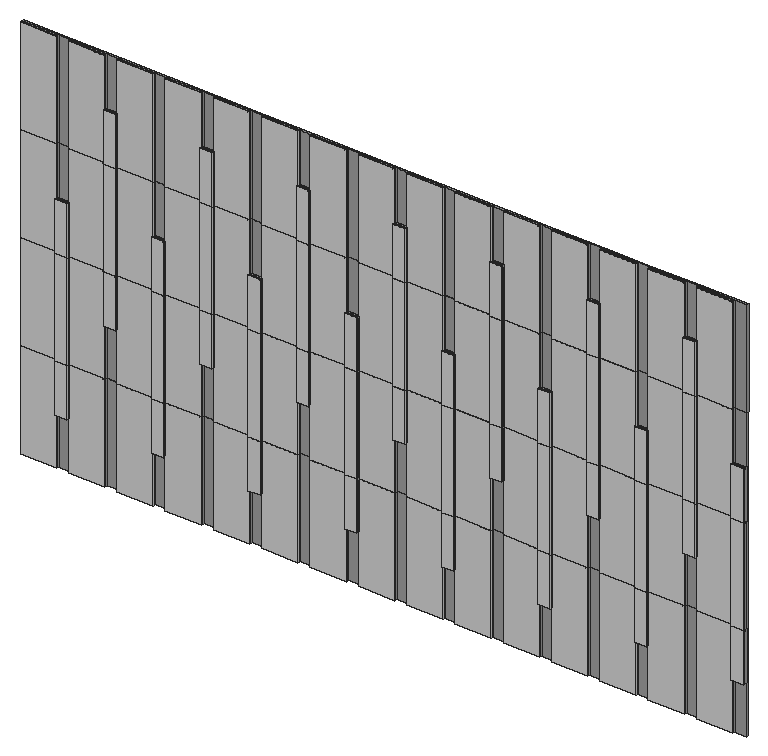
Revit family "SUR-STK-045_COURSIE_RFA", category Modelos genéricos, Revit 2022 (continued)
Forms (in)
  Extrusion 263, solid
    sketch origin (48, 0, 48) x (1, 0, 0) y (0, 0, 1)
      loop
        line (0, 24) -> (0, 0) -> (9, 0) -> (9, 24) -> (0, 24)
    from -0.11811 to 0
  Extrusion 264, solid
    sketch origin (31.89167, -0.94488, 48) x (1, 0, 0) y (0, 0, 1)
      loop
        line (25.10833, 24) -> (25.10833, 0) -> (28.10833, 0) -> (28.10833, 24) -> (25.10833, 24)
    from -1.06299 to -0.59055
  Extrusion 265, solid
    sketch origin (48, -1.41732, 48) x (1, 0, 0) y (0, 0, 1)
      loop
        line (9, 24) -> (9, 0) -> (12, 0) -> (12, 24) -> (9, 24)
    from -1.06299 to -0.94488
  Extrusion 266, solid
    sketch origin (48, 0, 72) x (1, 0, 0) y (0, 0, 1)
      loop
        line (0, 24) -> (0, 0) -> (12, 0) -> (12, 24) -> (0, 24)
    from -1.06299 to -0.59055
  Extrusion 267, solid
    sketch origin (48, -0.47244, 72) x (1, 0, 0) y (0, 0, 1)
      loop
        line (0, 24) -> (0, 0) -> (12, 0) -> (12, 12) -> (9, 12) -> (9, 24) -> (0, 24)
    from -1.06299 to -0.59055
  Extrusion 268, solid
    sketch origin (48, -0.94488, 72) x (1, 0, 0) y (0, 0, 1)
      loop
        line (9, 12) -> (9, 0) -> (12, 0) -> (12, 12) -> (9, 12)
    from -1.06299 to -0.59055
  Extrusion 269, solid
    sketch origin (48, 0, 72) x (1, 0, 0) y (0, 0, 1)
      loop
        line (0, 24) -> (0, 0) -> (9, 0) -> (9, 24) -> (0, 24)
    from -0.11811 to 0
  Extrusion 270, solid
    sketch origin (48, -1.41732, 72) x (1, 0, 0) y (0, 0, 1)
      loop
        line (9, 12) -> (9, 0) -> (12, 0) -> (12, 12) -> (9, 12)
    from -1.06299 to -0.94488
  Extrusion 271, solid
    sketch origin (60, 0, 0) x (1, 0, 0) y (0, 0, 1)
      loop
        line (0, 24) -> (0, 0) -> (12, 0) -> (12, 24) -> (0, 24)
    from -1.06299 to -0.59055
  Extrusion 272, solid
    sketch origin (60, -0.47244, 0) x (1, 0, 0) y (0, 0, 1)
      loop
        line (0, 24) -> (0, 0) -> (9, 0) -> (9, 12) -> (12, 12) -> (12, 24) -> (0, 24)
    from -1.06299 to -0.59055
  Extrusion 273, solid
    sketch origin (43.89167, -0.94488, 0) x (1, 0, 0) y (0, 0, 1)
      loop
        line (25.10833, 24) -> (25.10833, 12) -> (28.10833, 12) -> (28.10833, 24) -> (25.10833, 24)
    from -1.06299 to -0.59055
  Extrusion 274, solid
    sketch origin (60, 0, 0) x (1, 0, 0) y (0, 0, 1)
      loop
        line (0, 24) -> (0, 0) -> (9, 0) -> (9, 24) -> (0, 24)
    from -0.11811 to 0
  Extrusion 275, solid
    sketch origin (60, -1.41732, 0) x (1, 0, 0) y (0, 0, 1)
      loop
        line (9, 24) -> (9, 12) -> (12, 12) -> (12, 24) -> (9, 24)
    from -1.06299 to -0.94488
  Extrusion 276, solid
    sketch origin (60, 0, 24) x (1, 0, 0) y (0, 0, 1)
      loop
        line (0, 24) -> (0, 0) -> (12, 0) -> (12, 24) -> (0, 24)
    from -1.06299 to -0.59055
  Extrusion 277, solid
    sketch origin (60, -0.47244, 24) x (1, 0, 0) y (0, 0, 1)
      loop
        line (0, 24) -> (0, 0) -> (12, 0) -> (12, 24) -> (0, 24)
    from -1.06299 to -0.59055
  Extrusion 278, solid
    sketch origin (60, 0, 24) x (1, 0, 0) y (0, 0, 1)
      loop
        line (0, 24) -> (0, 0) -> (9, 0) -> (9, 24) -> (0, 24)
    from -0.11811 to 0
  Extrusion 279, solid
    sketch origin (43.89167, -0.94488, 24) x (1, 0, 0) y (0, 0, 1)
      loop
        line (25.10833, 24) -> (25.10833, 0) -> (28.10833, 0) -> (28.10833, 24) -> (25.10833, 24)
    from -1.06299 to -0.59055
  Extrusion 280, solid
    sketch origin (60, -1.41732, 24) x (1, 0, 0) y (0, 0, 1)
      loop
        line (9, 24) -> (9, 0) -> (12, 0) -> (12, 24) -> (9, 24)
    from -1.06299 to -0.94488
  Extrusion 281, solid
    sketch origin (60, 0, 48) x (1, 0, 0) y (0, 0, 1)
      loop
        line (0, 24) -> (0, 0) -> (12, 0) -> (12, 24) -> (0, 24)
    from -1.06299 to -0.59055
  Extrusion 282, solid
    sketch origin (60, -0.47244, 48) x (1, 0, 0) y (0, 0, 1)
      loop
        line (0, 24) -> (0, 0) -> (12, 0) -> (12, 12) -> (9, 12) -> (9, 24) -> (0, 24)
    from -1.06299 to -0.59055
  Extrusion 283, solid
    sketch origin (60, -0.94488, 48) x (1, 0, 0) y (0, 0, 1)
      loop
        line (9, 12) -> (9, 0) -> (12, 0) -> (12, 12) -> (9, 12)
    from -1.06299 to -0.59055
  Extrusion 284, solid
    sketch origin (60, 0, 48) x (1, 0, 0) y (0, 0, 1)
      loop
        line (0, 24) -> (0, 0) -> (9, 0) -> (9, 24) -> (0, 24)
    from -0.11811 to 0
  Extrusion 285, solid
    sketch origin (60, -1.41732, 48) x (1, 0, 0) y (0, 0, 1)
      loop
        line (9, 12) -> (9, 0) -> (12, 0) -> (12, 12) -> (9, 12)
    from -1.06299 to -0.94488
  Extrusion 286, solid
    sketch origin (60, 0, 72) x (1, 0, 0) y (0, 0, 1)
      loop
        line (0, 24) -> (0, 0) -> (12, 0) -> (12, 24) -> (0, 24)
    from -1.06299 to -0.59055
  Extrusion 287, solid
    sketch origin (60, 0, 72) x (1, 0, 0) y (0, 0, 1)
      loop
        line (0, 24) -> (0, 0) -> (9, 0) -> (9, 24) -> (0, 24)
    from -0.59055 to -0.11811
  Extrusion 288, solid
    sketch origin (60, 0, 72) x (1, 0, 0) y (0, 0, 1)
      loop
        line (0, 24) -> (0, 0) -> (9, 0) -> (9, 24) -> (0, 24)
    from -0.11811 to 0
  Extrusion 289, solid
    sketch origin (72, 0, 0) x (1, 0, 0) y (0, 0, 1)
      loop
        line (0, 24) -> (0, 0) -> (12, 0) -> (12, 24) -> (0, 24)
    from -1.06299 to -0.59055
  Extrusion 290, solid
    sketch origin (72, 0, 0) x (1, 0, 0) y (0, 0, 1)
      loop
        line (0, 24) -> (0, 0) -> (9, 0) -> (9, 24) -> (0, 24)
    from -0.59055 to -0.11811
  Extrusion 291, solid
    sketch origin (72, 0, 0) x (1, 0, 0) y (0, 0, 1)
      loop
        line (0, 24) -> (0, 0) -> (9, 0) -> (9, 24) -> (0, 24)
    from -0.11811 to 0
  Extrusion 292, solid
    sketch origin (72, 0, 24) x (1, 0, 0) y (0, 0, 1)
      loop
        line (0, 24) -> (0, 0) -> (12, 0) -> (12, 24) -> (0, 24)
    from -1.06299 to -0.59055
  Extrusion 293, solid
    sketch origin (72, -0.47244, 24) x (1, 0, 0) y (0, 0, 1)
      loop
        line (0, 24) -> (0, 0) -> (9, 0) -> (9, 12) -> (12, 12) -> (12, 24) -> (0, 24)
    from -1.06299 to -0.59055
  Extrusion 294, solid
    sketch origin (55.89167, -0.94488, 24) x (1, 0, 0) y (0, 0, 1)
      loop
        line (25.10833, 24) -> (25.10833, 12) -> (28.10833, 12) -> (28.10833, 24) -> (25.10833, 24)
    from -1.06299 to -0.59055
  Extrusion 295, solid
    sketch origin (72, 0, 24) x (1, 0, 0) y (0, 0, 1)
      loop
        line (0, 24) -> (0, 0) -> (9, 0) -> (9, 24) -> (0, 24)
    from -0.11811 to 0
  Extrusion 296, solid
    sketch origin (72, -1.41732, 24) x (1, 0, 0) y (0, 0, 1)
      loop
        line (9, 24) -> (9, 12) -> (12, 12) -> (12, 24) -> (9, 24)
    from -1.06299 to -0.94488
  Extrusion 297, solid
    sketch origin (72, 0, 48) x (1, 0, 0) y (0, 0, 1)
      loop
        line (0, 24) -> (0, 0) -> (12, 0) -> (12, 24) -> (0, 24)
    from -1.06299 to -0.59055
  Extrusion 298, solid
    sketch origin (72, -0.47244, 48) x (1, 0, 0) y (0, 0, 1)
      loop
        line (0, 24) -> (0, 0) -> (12, 0) -> (12, 24) -> (0, 24)
    from -1.06299 to -0.59055
  Extrusion 299, solid
    sketch origin (72, 0, 48) x (1, 0, 0) y (0, 0, 1)
      loop
        line (0, 24) -> (0, 0) -> (9, 0) -> (9, 24) -> (0, 24)
    from -0.11811 to 0
  Extrusion 300, solid
    sketch origin (55.89167, -0.94488, 48) x (1, 0, 0) y (0, 0, 1)
      loop
        line (25.10833, 24) -> (25.10833, 0) -> (28.10833, 0) -> (28.10833, 24) -> (25.10833, 24)
    from -1.06299 to -0.59055
  Extrusion 301, solid
    sketch origin (72, -1.41732, 48) x (1, 0, 0) y (0, 0, 1)
      loop
        line (9, 24) -> (9, 0) -> (12, 0) -> (12, 24) -> (9, 24)
    from -1.06299 to -0.94488
  Extrusion 302, solid
    sketch origin (72, 0, 72) x (1, 0, 0) y (0, 0, 1)
      loop
        line (0, 24) -> (0, 0) -> (12, 0) -> (12, 24) -> (0, 24)
    from -1.06299 to -0.59055
  Extrusion 303, solid
    sketch origin (72, -0.47244, 72) x (1, 0, 0) y (0, 0, 1)
      loop
        line (0, 24) -> (0, 0) -> (12, 0) -> (12, 12) -> (9, 12) -> (9, 24) -> (0, 24)
    from -1.06299 to -0.59055
  Extrusion 304, solid
    sketch origin (72, -0.94488, 72) x (1, 0, 0) y (0, 0, 1)
      loop
        line (9, 12) -> (9, 0) -> (12, 0) -> (12, 12) -> (9, 12)
    from -1.06299 to -0.59055
  Extrusion 305, solid
    sketch origin (72, 0, 72) x (1, 0, 0) y (0, 0, 1)
      loop
        line (0, 24) -> (0, 0) -> (9, 0) -> (9, 24) -> (0, 24)
    from -0.11811 to 0
  Extrusion 306, solid
    sketch origin (72, -1.41732, 72) x (1, 0, 0) y (0, 0, 1)
      loop
        line (9, 12) -> (9, 0) -> (12, 0) -> (12, 12) -> (9, 12)
    from -1.06299 to -0.94488
  Extrusion 307, solid
    sketch origin (84, 0, 0) x (1, 0, 0) y (0, 0, 1)
      loop
        line (0, 24) -> (0, 0) -> (12, 0) -> (12, 24) -> (0, 24)
    from -1.06299 to -0.59055
  Extrusion 308, solid
    sketch origin (84, -0.47244, 0) x (1, 0, 0) y (0, 0, 1)
      loop
        line (0, 24) -> (0, 0) -> (9, 0) -> (9, 12) -> (12, 12) -> (12, 24) -> (0, 24)
    from -1.06299 to -0.59055
  Extrusion 309, solid
    sketch origin (67.89167, -0.94488, 0) x (1, 0, 0) y (0, 0, 1)
      loop
        line (25.10833, 24) -> (25.10833, 12) -> (28.10833, 12) -> (28.10833, 24) -> (25.10833, 24)
    from -1.06299 to -0.59055
  Extrusion 310, solid
    sketch origin (84, 0, 0) x (1, 0, 0) y (0, 0, 1)
      loop
        line (0, 24) -> (0, 0) -> (9, 0) -> (9, 24) -> (0, 24)
    from -0.11811 to 0
  Extrusion 311, solid
    sketch origin (84, -1.41732, 0) x (1, 0, 0) y (0, 0, 1)
      loop
        line (9, 24) -> (9, 12) -> (12, 12) -> (12, 24) -> (9, 24)
    from -1.06299 to -0.94488
  Extrusion 312, solid
    sketch origin (84, 0, 24) x (1, 0, 0) y (0, 0, 1)
      loop
        line (0, 24) -> (0, 0) -> (12, 0) -> (12, 24) -> (0, 24)
    from -1.06299 to -0.59055
  Extrusion 313, solid
    sketch origin (84, -0.47244, 24) x (1, 0, 0) y (0, 0, 1)
      loop
        line (0, 24) -> (0, 0) -> (12, 0) -> (12, 24) -> (0, 24)
    from -1.06299 to -0.59055
  Extrusion 314, solid
    sketch origin (84, 0, 24) x (1, 0, 0) y (0, 0, 1)
      loop
        line (0, 24) -> (0, 0) -> (9, 0) -> (9, 24) -> (0, 24)
    from -0.11811 to 0
  Extrusion 315, solid
    sketch origin (67.89167, -0.94488, 24) x (1, 0, 0) y (0, 0, 1)
      loop
        line (25.10833, 24) -> (25.10833, 0) -> (28.10833, 0) -> (28.10833, 24) -> (25.10833, 24)
    from -1.06299 to -0.59055
  Extrusion 316, solid
    sketch origin (84, -1.41732, 24) x (1, 0, 0) y (0, 0, 1)
      loop
        line (9, 24) -> (9, 0) -> (12, 0) -> (12, 24) -> (9, 24)
    from -1.06299 to -0.94488
  Extrusion 317, solid
    sketch origin (84, 0, 48) x (1, 0, 0) y (0, 0, 1)
      loop
        line (0, 24) -> (0, 0) -> (12, 0) -> (12, 24) -> (0, 24)
    from -1.06299 to -0.59055
  Extrusion 318, solid
    sketch origin (84, -0.47244, 48) x (1, 0, 0) y (0, 0, 1)
      loop
        line (0, 24) -> (0, 0) -> (12, 0) -> (12, 12) -> (9, 12) -> (9, 24) -> (0, 24)
    from -1.06299 to -0.59055
  Extrusion 319, solid
    sketch origin (84, -0.94488, 48) x (1, 0, 0) y (0, 0, 1)
      loop
        line (9, 12) -> (9, 0) -> (12, 0) -> (12, 12) -> (9, 12)
    from -1.06299 to -0.59055
  Extrusion 320, solid
    sketch origin (84, 0, 48) x (1, 0, 0) y (0, 0, 1)
      loop
        line (0, 24) -> (0, 0) -> (9, 0) -> (9, 24) -> (0, 24)
    from -0.11811 to 0
  Extrusion 321, solid
    sketch origin (84, -1.41732, 48) x (1, 0, 0) y (0, 0, 1)
      loop
        line (9, 12) -> (9, 0) -> (12, 0) -> (12, 12) -> (9, 12)
    from -1.06299 to -0.94488
  Extrusion 322, solid
    sketch origin (84, 0, 72) x (1, 0, 0) y (0, 0, 1)
      loop
        line (0, 24) -> (0, 0) -> (12, 0) -> (12, 24) -> (0, 24)
    from -1.06299 to -0.59055
  Extrusion 323, solid
    sketch origin (84, 0, 72) x (1, 0, 0) y (0, 0, 1)
      loop
        line (0, 24) -> (0, 0) -> (9, 0) -> (9, 24) -> (0, 24)
    from -0.59055 to -0.11811
  Extrusion 324, solid
    sketch origin (84, 0, 72) x (1, 0, 0) y (0, 0, 1)
      loop
        line (0, 24) -> (0, 0) -> (9, 0) -> (9, 24) -> (0, 24)
    from -0.11811 to 0
  Extrusion 325, solid, not visible
    sketch origin (0, 0, 0) x (1, 0, 0) y (0, 0, 1)
      loop
        line (0, 24) -> (0, 0) -> (12, 0) -> (12, 24) -> (0, 24)
    from -1.06299 to -0.59055
  Extrusion 326, solid, not visible
    sketch origin (0, -0.47244, 0) x (1, 0, 0) y (0, 0, 1)
      loop
        line (0, 24) -> (0, 0) -> (9, 0) -> (9, 12) -> (12, 12) -> (12, 24) -> (0, 24)
    from -1.06299 to -0.59055
  Extrusion 327, solid, not visible
    sketch origin (-16.10833, -0.94488, 0) x (1, 0, 0) y (0, 0, 1)
      loop
        line (25.10833, 24) -> (25.10833, 12) -> (28.10833, 12) -> (28.10833, 24) -> (25.10833, 24)
    from -1.06299 to -0.59055
  Extrusion 328, solid, not visible
    sketch origin (0, 0, 0) x (1, 0, 0) y (0, 0, 1)
      loop
        line (0, 24) -> (0, 0) -> (9, 0) -> (9, 24) -> (0, 24)
    from -0.11811 to 0
  Extrusion 329, solid, not visible
    sketch origin (0, -1.41732, 0) x (1, 0, 0) y (0, 0, 1)
      loop
        line (9, 24) -> (9, 12) -> (12, 12) -> (12, 24) -> (9, 24)
    from -1.06299 to -0.94488
  Extrusion 330, solid, not visible
    sketch origin (0, 0, 24) x (1, 0, 0) y (0, 0, 1)
      loop
        line (0, 24) -> (0, 0) -> (12, 0) -> (12, 24) -> (0, 24)
    from -1.06299 to -0.59055
  Extrusion 331, solid, not visible
    sketch origin (0, -0.47244, 24) x (1, 0, 0) y (0, 0, 1)
      loop
        line (0, 24) -> (0, 0) -> (12, 0) -> (12, 24) -> (0, 24)
    from -1.06299 to -0.59055
  Extrusion 332, solid, not visible
    sketch origin (0, 0, 24) x (1, 0, 0) y (0, 0, 1)
      loop
        line (0, 24) -> (0, 0) -> (9, 0) -> (9, 24) -> (0, 24)
    from -0.11811 to 0
  Extrusion 333, solid, not visible
    sketch origin (-16.10833, -0.94488, 24) x (1, 0, 0) y (0, 0, 1)
      loop
        line (25.10833, 24) -> (25.10833, 0) -> (28.10833, 0) -> (28.10833, 24) -> (25.10833, 24)
    from -1.06299 to -0.59055
  Extrusion 334, solid, not visible
    sketch origin (0, -1.41732, 24) x (1, 0, 0) y (0, 0, 1)
      loop
        line (9, 24) -> (9, 0) -> (12, 0) -> (12, 24) -> (9, 24)
    from -1.06299 to -0.94488
  Extrusion 335, solid, not visible
    sketch origin (0, 0, 48) x (1, 0, 0) y (0, 0, 1)
      loop
        line (0, 24) -> (0, 0) -> (12, 0) -> (12, 24) -> (0, 24)
    from -1.06299 to -0.59055
  Extrusion 336, solid, not visible
    sketch origin (0, -0.47244, 48) x (1, 0, 0) y (0, 0, 1)
      loop
        line (0, 24) -> (0, 0) -> (12, 0) -> (12, 12) -> (9, 12) -> (9, 24) -> (0, 24)
    from -1.06299 to -0.59055
  Extrusion 337, solid, not visible
    sketch origin (0, -0.94488, 48) x (1, 0, 0) y (0, 0, 1)
      loop
        line (9, 12) -> (9, 0) -> (12, 0) -> (12, 12) -> (9, 12)
    from -1.06299 to -0.59055
  Extrusion 338, solid, not visible
    sketch origin (0, 0, 48) x (1, 0, 0) y (0, 0, 1)
      loop
        line (0, 24) -> (0, 0) -> (9, 0) -> (9, 24) -> (0, 24)
    from -0.11811 to 0
  Extrusion 339, solid, not visible
    sketch origin (0, -1.41732, 48) x (1, 0, 0) y (0, 0, 1)
      loop
        line (9, 12) -> (9, 0) -> (12, 0) -> (12, 12) -> (9, 12)
    from -1.06299 to -0.94488
  Extrusion 340, solid, not visible
    sketch origin (0, 0, 72) x (1, 0, 0) y (0, 0, 1)
      loop
        line (0, 24) -> (0, 0) -> (12, 0) -> (12, 24) -> (0, 24)
    from -1.06299 to -0.59055
  Extrusion 341, solid, not visible
    sketch origin (0, 0, 72) x (1, 0, 0) y (0, 0, 1)
      loop
        line (0, 24) -> (0, 0) -> (9, 0) -> (9, 24) -> (0, 24)
    from -0.59055 to -0.11811
  Extrusion 342, solid, not visible
    sketch origin (0, 0, 72) x (1, 0, 0) y (0, 0, 1)
      loop
        line (0, 24) -> (0, 0) -> (9, 0) -> (9, 24) -> (0, 24)
    from -0.11811 to 0
  Extrusion 343, solid, not visible
    sketch origin (12, 0, 0) x (1, 0, 0) y (0, 0, 1)
      loop
        line (0, 24) -> (0, 0) -> (12, 0) -> (12, 24) -> (0, 24)
    from -1.06299 to -0.59055
  Extrusion 344, solid, not visible
    sketch origin (12, 0, 0) x (1, 0, 0) y (0, 0, 1)
      loop
        line (0, 24) -> (0, 0) -> (9, 0) -> (9, 24) -> (0, 24)
    from -0.59055 to -0.11811
  Extrusion 345, solid, not visible
    sketch origin (12, 0, 0) x (1, 0, 0) y (0, 0, 1)
      loop
        line (0, 24) -> (0, 0) -> (9, 0) -> (9, 24) -> (0, 24)
    from -0.11811 to 0
  Extrusion 346, solid, not visible
    sketch origin (12, 0, 24) x (1, 0, 0) y (0, 0, 1)
      loop
        line (0, 24) -> (0, 0) -> (12, 0) -> (12, 24) -> (0, 24)
    from -1.06299 to -0.59055
  Extrusion 347, solid, not visible
    sketch origin (12, -0.47244, 24) x (1, 0, 0) y (0, 0, 1)
      loop
        line (0, 24) -> (0, 0) -> (9, 0) -> (9, 12) -> (12, 12) -> (12, 24) -> (0, 24)
    from -1.06299 to -0.59055
  Extrusion 348, solid, not visible
    sketch origin (-4.10833, -0.94488, 24) x (1, 0, 0) y (0, 0, 1)
      loop
        line (25.10833, 24) -> (25.10833, 12) -> (28.10833, 12) -> (28.10833, 24) -> (25.10833, 24)
    from -1.06299 to -0.59055
  Extrusion 349, solid, not visible
    sketch origin (12, 0, 24) x (1, 0, 0) y (0, 0, 1)
      loop
        line (0, 24) -> (0, 0) -> (9, 0) -> (9, 24) -> (0, 24)
    from -0.11811 to 0
  Extrusion 350, solid, not visible
    sketch origin (12, -1.41732, 24) x (1, 0, 0) y (0, 0, 1)
      loop
        line (9, 24) -> (9, 12) -> (12, 12) -> (12, 24) -> (9, 24)
    from -1.06299 to -0.94488
  Extrusion 351, solid, not visible
    sketch origin (12, 0, 48) x (1, 0, 0) y (0, 0, 1)
      loop
        line (0, 24) -> (0, 0) -> (12, 0) -> (12, 24) -> (0, 24)
    from -1.06299 to -0.59055
  Extrusion 352, solid, not visible
    sketch origin (12, -0.47244, 48) x (1, 0, 0) y (0, 0, 1)
      loop
        line (0, 24) -> (0, 0) -> (12, 0) -> (12, 24) -> (0, 24)
    from -1.06299 to -0.59055
  Extrusion 353, solid, not visible
    sketch origin (12, 0, 48) x (1, 0, 0) y (0, 0, 1)
      loop
        line (0, 24) -> (0, 0) -> (9, 0) -> (9, 24) -> (0, 24)
    from -0.11811 to 0
  Extrusion 354, solid, not visible
    sketch origin (-4.10833, -0.94488, 48) x (1, 0, 0) y (0, 0, 1)
      loop
        line (25.10833, 24) -> (25.10833, 0) -> (28.10833, 0) -> (28.10833, 24) -> (25.10833, 24)
    from -1.06299 to -0.59055
  Extrusion 355, solid, not visible
    sketch origin (12, -1.41732, 48) x (1, 0, 0) y (0, 0, 1)
      loop
        line (9, 24) -> (9, 0) -> (12, 0) -> (12, 24) -> (9, 24)
    from -1.06299 to -0.94488
  Extrusion 356, solid, not visible
    sketch origin (12, 0, 72) x (1, 0, 0) y (0, 0, 1)
      loop
        line (0, 24) -> (0, 0) -> (12, 0) -> (12, 24) -> (0, 24)
    from -1.06299 to -0.59055
  Extrusion 357, solid, not visible
    sketch origin (12, -0.47244, 72) x (1, 0, 0) y (0, 0, 1)
      loop
        line (0, 24) -> (0, 0) -> (12, 0) -> (12, 12) -> (9, 12) -> (9, 24) -> (0, 24)
    from -1.06299 to -0.59055
  Extrusion 358, solid, not visible
    sketch origin (12, -0.94488, 72) x (1, 0, 0) y (0, 0, 1)
      loop
        line (9, 12) -> (9, 0) -> (12, 0) -> (12, 12) -> (9, 12)
    from -1.06299 to -0.59055
  Extrusion 359, solid, not visible
    sketch origin (12, 0, 72) x (1, 0, 0) y (0, 0, 1)
      loop
        line (0, 24) -> (0, 0) -> (9, 0) -> (9, 24) -> (0, 24)
    from -0.11811 to 0
  Extrusion 360, solid, not visible
    sketch origin (12, -1.41732, 72) x (1, 0, 0) y (0, 0, 1)
      loop
        line (9, 12) -> (9, 0) -> (12, 0) -> (12, 12) -> (9, 12)
    from -1.06299 to -0.94488
  Extrusion 361, solid, not visible
    sketch origin (24, 0, 0) x (1, 0, 0) y (0, 0, 1)
      loop
        line (0, 24) -> (0, 0) -> (12, 0) -> (12, 24) -> (0, 24)
    from -1.06299 to -0.59055
  Extrusion 362, solid, not visible
    sketch origin (24, -0.47244, 0) x (1, 0, 0) y (0, 0, 1)
      loop
        line (0, 24) -> (0, 0) -> (9, 0) -> (9, 12) -> (12, 12) -> (12, 24) -> (0, 24)
    from -1.06299 to -0.59055
  Extrusion 363, solid, not visible
    sketch origin (7.89167, -0.94488, 0) x (1, 0, 0) y (0, 0, 1)
      loop
        line (25.10833, 24) -> (25.10833, 12) -> (28.10833, 12) -> (28.10833, 24) -> (25.10833, 24)
    from -1.06299 to -0.59055
  Extrusion 364, solid, not visible
    sketch origin (24, 0, 0) x (1, 0, 0) y (0, 0, 1)
      loop
        line (0, 24) -> (0, 0) -> (9, 0) -> (9, 24) -> (0, 24)
    from -0.11811 to 0
  Extrusion 365, solid, not visible
    sketch origin (24, -1.41732, 0) x (1, 0, 0) y (0, 0, 1)
      loop
        line (9, 24) -> (9, 12) -> (12, 12) -> (12, 24) -> (9, 24)
    from -1.06299 to -0.94488
  Extrusion 366, solid, not visible
    sketch origin (24, 0, 24) x (1, 0, 0) y (0, 0, 1)
      loop
        line (0, 24) -> (0, 0) -> (12, 0) -> (12, 24) -> (0, 24)
    from -1.06299 to -0.59055
  Extrusion 367, solid, not visible
    sketch origin (24, -0.47244, 24) x (1, 0, 0) y (0, 0, 1)
      loop
        line (0, 24) -> (0, 0) -> (12, 0) -> (12, 24) -> (0, 24)
    from -1.06299 to -0.59055
  Extrusion 368, solid, not visible
    sketch origin (24, 0, 24) x (1, 0, 0) y (0, 0, 1)
      loop
        line (0, 24) -> (0, 0) -> (9, 0) -> (9, 24) -> (0, 24)
    from -0.11811 to 0
  Extrusion 369, solid, not visible
    sketch origin (7.89167, -0.94488, 24) x (1, 0, 0) y (0, 0, 1)
      loop
        line (25.10833, 24) -> (25.10833, 0) -> (28.10833, 0) -> (28.10833, 24) -> (25.10833, 24)
    from -1.06299 to -0.59055
  Extrusion 370, solid, not visible
    sketch origin (24, -1.41732, 24) x (1, 0, 0) y (0, 0, 1)
      loop
        line (9, 24) -> (9, 0) -> (12, 0) -> (12, 24) -> (9, 24)
    from -1.06299 to -0.94488
  Extrusion 371, solid, not visible
    sketch origin (24, 0, 48) x (1, 0, 0) y (0, 0, 1)
      loop
        line (0, 24) -> (0, 0) -> (12, 0) -> (12, 24) -> (0, 24)
    from -1.06299 to -0.59055
  Extrusion 372, solid, not visible
    sketch origin (24, -0.47244, 48) x (1, 0, 0) y (0, 0, 1)
      loop
        line (0, 24) -> (0, 0) -> (12, 0) -> (12, 12) -> (9, 12) -> (9, 24) -> (0, 24)
    from -1.06299 to -0.59055
  Extrusion 373, solid, not visible
    sketch origin (24, -0.94488, 48) x (1, 0, 0) y (0, 0, 1)
      loop
        line (9, 12) -> (9, 0) -> (12, 0) -> (12, 12) -> (9, 12)
    from -1.06299 to -0.59055
  Extrusion 374, solid, not visible
    sketch origin (24, 0, 48) x (1, 0, 0) y (0, 0, 1)
      loop
        line (0, 24) -> (0, 0) -> (9, 0) -> (9, 24) -> (0, 24)
    from -0.11811 to 0
  Extrusion 375, solid, not visible
    sketch origin (24, -1.41732, 48) x (1, 0, 0) y (0, 0, 1)
      loop
        line (9, 12) -> (9, 0) -> (12, 0) -> (12, 12) -> (9, 12)
    from -1.06299 to -0.94488
  Extrusion 376, solid, not visible
    sketch origin (24, 0, 72) x (1, 0, 0) y (0, 0, 1)
      loop
        line (0, 24) -> (0, 0) -> (12, 0) -> (12, 24) -> (0, 24)
    from -1.06299 to -0.59055
  Extrusion 377, solid, not visible
    sketch origin (24, 0, 72) x (1, 0, 0) y (0, 0, 1)
      loop
        line (0, 24) -> (0, 0) -> (9, 0) -> (9, 24) -> (0, 24)
    from -0.59055 to -0.11811
  Extrusion 378, solid, not visible
    sketch origin (24, 0, 72) x (1, 0, 0) y (0, 0, 1)
      loop
        line (0, 24) -> (0, 0) -> (9, 0) -> (9, 24) -> (0, 24)
    from -0.11811 to 0
  Extrusion 379, solid, not visible
    sketch origin (36, 0, 0) x (1, 0, 0) y (0, 0, 1)
      loop
        line (0, 24) -> (0, 0) -> (12, 0) -> (12, 24) -> (0, 24)
    from -1.06299 to -0.59055
  Extrusion 380, solid, not visible
    sketch origin (36, 0, 0) x (1, 0, 0) y (0, 0, 1)
      loop
        line (0, 24) -> (0, 0) -> (9, 0) -> (9, 24) -> (0, 24)
    from -0.59055 to -0.11811
  Extrusion 381, solid, not visible
    sketch origin (36, 0, 0) x (1, 0, 0) y (0, 0, 1)
      loop
        line (0, 24) -> (0, 0) -> (9, 0) -> (9, 24) -> (0, 24)
    from -0.11811 to 0
  Extrusion 382, solid, not visible
    sketch origin (36, 0, 24) x (1, 0, 0) y (0, 0, 1)
      loop
        line (0, 24) -> (0, 0) -> (12, 0) -> (12, 24) -> (0, 24)
    from -1.06299 to -0.59055
  Extrusion 383, solid, not visible
    sketch origin (36, -0.47244, 24) x (1, 0, 0) y (0, 0, 1)
      loop
        line (0, 24) -> (0, 0) -> (9, 0) -> (9, 12) -> (12, 12) -> (12, 24) -> (0, 24)
    from -1.06299 to -0.59055
  Extrusion 384, solid, not visible
    sketch origin (19.89167, -0.94488, 24) x (1, 0, 0) y (0, 0, 1)
      loop
        line (25.10833, 24) -> (25.10833, 12) -> (28.10833, 12) -> (28.10833, 24) -> (25.10833, 24)
    from -1.06299 to -0.59055
  Extrusion 385, solid, not visible
    sketch origin (36, 0, 24) x (1, 0, 0) y (0, 0, 1)
      loop
        line (0, 24) -> (0, 0) -> (9, 0) -> (9, 24) -> (0, 24)
    from -0.11811 to 0
  Extrusion 386, solid, not visible
    sketch origin (36, -1.41732, 24) x (1, 0, 0) y (0, 0, 1)
      loop
        line (9, 24) -> (9, 12) -> (12, 12) -> (12, 24) -> (9, 24)
    from -1.06299 to -0.94488
  Extrusion 387, solid, not visible
    sketch origin (36, 0, 48) x (1, 0, 0) y (0, 0, 1)
      loop
        line (0, 24) -> (0, 0) -> (12, 0) -> (12, 24) -> (0, 24)
    from -1.06299 to -0.59055
  Extrusion 388, solid, not visible
    sketch origin (36, -0.47244, 48) x (1, 0, 0) y (0, 0, 1)
      loop
        line (0, 24) -> (0, 0) -> (12, 0) -> (12, 24) -> (0, 24)
    from -1.06299 to -0.59055
  Extrusion 389, solid, not visible
    sketch origin (36, 0, 48) x (1, 0, 0) y (0, 0, 1)
      loop
        line (0, 24) -> (0, 0) -> (9, 0) -> (9, 24) -> (0, 24)
    from -0.11811 to 0
  Extrusion 390, solid, not visible
    sketch origin (19.89167, -0.94488, 48) x (1, 0, 0) y (0, 0, 1)
      loop
        line (25.10833, 24) -> (25.10833, 0) -> (28.10833, 0) -> (28.10833, 24) -> (25.10833, 24)
    from -1.06299 to -0.59055
  Extrusion 391, solid, not visible
    sketch origin (36, -1.41732, 48) x (1, 0, 0) y (0, 0, 1)
      loop
        line (9, 24) -> (9, 0) -> (12, 0) -> (12, 24) -> (9, 24)
    from -1.06299 to -0.94488
  Extrusion 392, solid, not visible
    sketch origin (36, 0, 72) x (1, 0, 0) y (0, 0, 1)
      loop
        line (0, 24) -> (0, 0) -> (12, 0) -> (12, 24) -> (0, 24)
    from -1.06299 to -0.59055
  Extrusion 393, solid, not visible
    sketch origin (36, -0.47244, 72) x (1, 0, 0) y (0, 0, 1)
      loop
        line (0, 24) -> (0, 0) -> (12, 0) -> (12, 12) -> (9, 12) -> (9, 24) -> (0, 24)
    from -1.06299 to -0.59055
  Extrusion 394, solid, not visible
    sketch origin (36, -0.94488, 72) x (1, 0, 0) y (0, 0, 1)
      loop
        line (9, 12) -> (9, 0) -> (12, 0) -> (12, 12) -> (9, 12)
    from -1.06299 to -0.59055
  Extrusion 395, solid, not visible
    sketch origin (36, 0, 72) x (1, 0, 0) y (0, 0, 1)
      loop
        line (0, 24) -> (0, 0) -> (9, 0) -> (9, 24) -> (0, 24)
    from -0.11811 to 0
  Extrusion 396, solid, not visible
    sketch origin (36, -1.41732, 72) x (1, 0, 0) y (0, 0, 1)
      loop
        line (9, 12) -> (9, 0) -> (12, 0) -> (12, 12) -> (9, 12)
    from -1.06299 to -0.94488
  Extrusion 397, solid, not visible
    sketch origin (48, 0, 0) x (1, 0, 0) y (0, 0, 1)
      loop
        line (0, 24) -> (0, 0) -> (12, 0) -> (12, 24) -> (0, 24)
    from -1.06299 to -0.59055
  Extrusion 398, solid, not visible
    sketch origin (48, -0.47244, 0) x (1, 0, 0) y (0, 0, 1)
      loop
        line (0, 24) -> (0, 0) -> (9, 0) -> (9, 12) -> (12, 12) -> (12, 24) -> (0, 24)
    from -1.06299 to -0.59055
  Extrusion 399, solid, not visible
    sketch origin (31.89167, -0.94488, 0) x (1, 0, 0) y (0, 0, 1)
      loop
        line (25.10833, 24) -> (25.10833, 12) -> (28.10833, 12) -> (28.10833, 24) -> (25.10833, 24)
    from -1.06299 to -0.59055
  Extrusion 400, solid, not visible
    sketch origin (48, 0, 0) x (1, 0, 0) y (0, 0, 1)
      loop
        line (0, 24) -> (0, 0) -> (9, 0) -> (9, 24) -> (0, 24)
    from -0.11811 to 0
  Extrusion 401, solid, not visible
    sketch origin (48, -1.41732, 0) x (1, 0, 0) y (0, 0, 1)
      loop
        line (9, 24) -> (9, 12) -> (12, 12) -> (12, 24) -> (9, 24)
    from -1.06299 to -0.94488
  Extrusion 402, solid, not visible
    sketch origin (48, 0, 24) x (1, 0, 0) y (0, 0, 1)
      loop
        line (0, 24) -> (0, 0) -> (12, 0) -> (12, 24) -> (0, 24)
    from -1.06299 to -0.59055
  Extrusion 403, solid, not visible
    sketch origin (48, -0.47244, 24) x (1, 0, 0) y (0, 0, 1)
      loop
        line (0, 24) -> (0, 0) -> (12, 0) -> (12, 24) -> (0, 24)
    from -1.06299 to -0.59055
  Extrusion 404, solid, not visible
    sketch origin (48, 0, 24) x (1, 0, 0) y (0, 0, 1)
      loop
        line (0, 24) -> (0, 0) -> (9, 0) -> (9, 24) -> (0, 24)
    from -0.11811 to 0
  Extrusion 405, solid, not visible
    sketch origin (31.89167, -0.94488, 24) x (1, 0, 0) y (0, 0, 1)
      loop
        line (25.10833, 24) -> (25.10833, 0) -> (28.10833, 0) -> (28.10833, 24) -> (25.10833, 24)
    from -1.06299 to -0.59055
  Extrusion 406, solid, not visible
    sketch origin (48, -1.41732, 24) x (1, 0, 0) y (0, 0, 1)
      loop
        line (9, 24) -> (9, 0) -> (12, 0) -> (12, 24) -> (9, 24)
    from -1.06299 to -0.94488
  Extrusion 407, solid, not visible
    sketch origin (48, 0, 48) x (1, 0, 0) y (0, 0, 1)
      loop
        line (0, 24) -> (0, 0) -> (12, 0) -> (12, 24) -> (0, 24)
    from -1.06299 to -0.59055
  Extrusion 408, solid, not visible
    sketch origin (48, -0.47244, 48) x (1, 0, 0) y (0, 0, 1)
      loop
        line (0, 24) -> (0, 0) -> (12, 0) -> (12, 12) -> (9, 12) -> (9, 24) -> (0, 24)
    from -1.06299 to -0.59055
  Extrusion 409, solid, not visible
    sketch origin (48, -0.94488, 48) x (1, 0, 0) y (0, 0, 1)
      loop
        line (9, 12) -> (9, 0) -> (12, 0) -> (12, 12) -> (9, 12)
    from -1.06299 to -0.59055
  Extrusion 410, solid, not visible
    sketch origin (48, 0, 48) x (1, 0, 0) y (0, 0, 1)
      loop
        line (0, 24) -> (0, 0) -> (9, 0) -> (9, 24) -> (0, 24)
    from -0.11811 to 0
  Extrusion 411, solid, not visible
    sketch origin (48, -1.41732, 48) x (1, 0, 0) y (0, 0, 1)
      loop
        line (9, 12) -> (9, 0) -> (12, 0) -> (12, 12) -> (9, 12)
    from -1.06299 to -0.94488
  Extrusion 412, solid, not visible
    sketch origin (48, 0, 72) x (1, 0, 0) y (0, 0, 1)
      loop
        line (0, 24) -> (0, 0) -> (12, 0) -> (12, 24) -> (0, 24)
    from -1.06299 to -0.59055
  Extrusion 413, solid, not visible
    sketch origin (48, 0, 72) x (1, 0, 0) y (0, 0, 1)
      loop
        line (0, 24) -> (0, 0) -> (9, 0) -> (9, 24) -> (0, 24)
    from -0.59055 to -0.11811
  Extrusion 414, solid, not visible
    sketch origin (48, 0, 72) x (1, 0, 0) y (0, 0, 1)
      loop
        line (0, 24) -> (0, 0) -> (9, 0) -> (9, 24) -> (0, 24)
    from -0.11811 to 0
  Extrusion 415, solid, not visible
    sketch origin (60, 0, 0) x (1, 0, 0) y (0, 0, 1)
      loop
        line (0, 24) -> (0, 0) -> (12, 0) -> (12, 24) -> (0, 24)
    from -1.06299 to -0.59055
  Extrusion 416, solid, not visible
    sketch origin (60, 0, 0) x (1, 0, 0) y (0, 0, 1)
      loop
        line (0, 24) -> (0, 0) -> (9, 0) -> (9, 24) -> (0, 24)
    from -0.59055 to -0.11811
  Extrusion 417, solid, not visible
    sketch origin (60, 0, 0) x (1, 0, 0) y (0, 0, 1)
      loop
        line (0, 24) -> (0, 0) -> (9, 0) -> (9, 24) -> (0, 24)
    from -0.11811 to 0
  Extrusion 418, solid, not visible
    sketch origin (60, 0, 24) x (1, 0, 0) y (0, 0, 1)
      loop
        line (0, 24) -> (0, 0) -> (12, 0) -> (12, 24) -> (0, 24)
    from -1.06299 to -0.59055
  Extrusion 419, solid, not visible
    sketch origin (60, -0.47244, 24) x (1, 0, 0) y (0, 0, 1)
      loop
        line (0, 24) -> (0, 0) -> (9, 0) -> (9, 12) -> (12, 12) -> (12, 24) -> (0, 24)
    from -1.06299 to -0.59055
  Extrusion 420, solid, not visible
    sketch origin (43.89167, -0.94488, 24) x (1, 0, 0) y (0, 0, 1)
      loop
        line (25.10833, 24) -> (25.10833, 12) -> (28.10833, 12) -> (28.10833, 24) -> (25.10833, 24)
    from -1.06299 to -0.59055
  Extrusion 421, solid, not visible
    sketch origin (60, 0, 24) x (1, 0, 0) y (0, 0, 1)
      loop
        line (0, 24) -> (0, 0) -> (9, 0) -> (9, 24) -> (0, 24)
    from -0.11811 to 0
  Extrusion 422, solid, not visible
    sketch origin (60, -1.41732, 24) x (1, 0, 0) y (0, 0, 1)
      loop
        line (9, 24) -> (9, 12) -> (12, 12) -> (12, 24) -> (9, 24)
    from -1.06299 to -0.94488
  Extrusion 423, solid, not visible
    sketch origin (60, 0, 48) x (1, 0, 0) y (0, 0, 1)
      loop
        line (0, 24) -> (0, 0) -> (12, 0) -> (12, 24) -> (0, 24)
    from -1.06299 to -0.59055
  Extrusion 424, solid, not visible
    sketch origin (60, -0.47244, 48) x (1, 0, 0) y (0, 0, 1)
      loop
        line (0, 24) -> (0, 0) -> (12, 0) -> (12, 24) -> (0, 24)
    from -1.06299 to -0.59055
  Extrusion 425, solid, not visible
    sketch origin (60, 0, 48) x (1, 0, 0) y (0, 0, 1)
      loop
        line (0, 24) -> (0, 0) -> (9, 0) -> (9, 24) -> (0, 24)
    from -0.11811 to 0
  Extrusion 426, solid, not visible
    sketch origin (43.89167, -0.94488, 48) x (1, 0, 0) y (0, 0, 1)
      loop
        line (25.10833, 24) -> (25.10833, 0) -> (28.10833, 0) -> (28.10833, 24) -> (25.10833, 24)
    from -1.06299 to -0.59055
  Extrusion 427, solid, not visible
    sketch origin (60, -1.41732, 48) x (1, 0, 0) y (0, 0, 1)
      loop
        line (9, 24) -> (9, 0) -> (12, 0) -> (12, 24) -> (9, 24)
    from -1.06299 to -0.94488
  Extrusion 428, solid, not visible
    sketch origin (60, 0, 72) x (1, 0, 0) y (0, 0, 1)
      loop
        line (0, 24) -> (0, 0) -> (12, 0) -> (12, 24) -> (0, 24)
    from -1.06299 to -0.59055
  Extrusion 429, solid, not visible
    sketch origin (60, -0.47244, 72) x (1, 0, 0) y (0, 0, 1)
      loop
        line (0, 24) -> (0, 0) -> (12, 0) -> (12, 12) -> (9, 12) -> (9, 24) -> (0, 24)
    from -1.06299 to -0.59055
  Extrusion 430, solid, not visible
    sketch origin (60, -0.94488, 72) x (1, 0, 0) y (0, 0, 1)
      loop
        line (9, 12) -> (9, 0) -> (12, 0) -> (12, 12) -> (9, 12)
    from -1.06299 to -0.59055
  Extrusion 431, solid, not visible
    sketch origin (60, 0, 72) x (1, 0, 0) y (0, 0, 1)
      loop
        line (0, 24) -> (0, 0) -> (9, 0) -> (9, 24) -> (0, 24)
    from -0.11811 to 0
  Extrusion 432, solid, not visible
    sketch origin (60, -1.41732, 72) x (1, 0, 0) y (0, 0, 1)
      loop
        line (9, 12) -> (9, 0) -> (12, 0) -> (12, 12) -> (9, 12)
    from -1.06299 to -0.94488
  Extrusion 433, solid, not visible
    sketch origin (72, 0, 0) x (1, 0, 0) y (0, 0, 1)
      loop
        line (0, 24) -> (0, 0) -> (12, 0) -> (12, 24) -> (0, 24)
    from -1.06299 to -0.59055
  Extrusion 434, solid, not visible
    sketch origin (72, -0.47244, 0) x (1, 0, 0) y (0, 0, 1)
      loop
        line (0, 24) -> (0, 0) -> (9, 0) -> (9, 12) -> (12, 12) -> (12, 24) -> (0, 24)
    from -1.06299 to -0.59055
  Extrusion 435, solid, not visible
    sketch origin (55.89167, -0.94488, 0) x (1, 0, 0) y (0, 0, 1)
      loop
        line (25.10833, 24) -> (25.10833, 12) -> (28.10833, 12) -> (28.10833, 24) -> (25.10833, 24)
    from -1.06299 to -0.59055
  Extrusion 436, solid, not visible
    sketch origin (72, 0, 0) x (1, 0, 0) y (0, 0, 1)
      loop
        line (0, 24) -> (0, 0) -> (9, 0) -> (9, 24) -> (0, 24)
    from -0.11811 to 0
  Extrusion 437, solid, not visible
    sketch origin (72, -1.41732, 0) x (1, 0, 0) y (0, 0, 1)
      loop
        line (9, 24) -> (9, 12) -> (12, 12) -> (12, 24) -> (9, 24)
    from -1.06299 to -0.94488
  Extrusion 438, solid, not visible
    sketch origin (72, 0, 24) x (1, 0, 0) y (0, 0, 1)
      loop
        line (0, 24) -> (0, 0) -> (12, 0) -> (12, 24) -> (0, 24)
    from -1.06299 to -0.59055
  Extrusion 439, solid, not visible
    sketch origin (72, -0.47244, 24) x (1, 0, 0) y (0, 0, 1)
      loop
        line (0, 24) -> (0, 0) -> (12, 0) -> (12, 24) -> (0, 24)
    from -1.06299 to -0.59055
  Extrusion 440, solid, not visible
    sketch origin (72, 0, 24) x (1, 0, 0) y (0, 0, 1)
      loop
        line (0, 24) -> (0, 0) -> (9, 0) -> (9, 24) -> (0, 24)
    from -0.11811 to 0
  Extrusion 441, solid, not visible
    sketch origin (55.89167, -0.94488, 24) x (1, 0, 0) y (0, 0, 1)
      loop
        line (25.10833, 24) -> (25.10833, 0) -> (28.10833, 0) -> (28.10833, 24) -> (25.10833, 24)
    from -1.06299 to -0.59055
  Extrusion 442, solid, not visible
    sketch origin (72, -1.41732, 24) x (1, 0, 0) y (0, 0, 1)
      loop
        line (9, 24) -> (9, 0) -> (12, 0) -> (12, 24) -> (9, 24)
    from -1.06299 to -0.94488
  Extrusion 443, solid, not visible
    sketch origin (72, 0, 48) x (1, 0, 0) y (0, 0, 1)
      loop
        line (0, 24) -> (0, 0) -> (12, 0) -> (12, 24) -> (0, 24)
    from -1.06299 to -0.59055
  Extrusion 444, solid, not visible
    sketch origin (72, -0.47244, 48) x (1, 0, 0) y (0, 0, 1)
      loop
        line (0, 24) -> (0, 0) -> (12, 0) -> (12, 12) -> (9, 12) -> (9, 24) -> (0, 24)
    from -1.06299 to -0.59055
  Extrusion 445, solid, not visible
    sketch origin (72, -0.94488, 48) x (1, 0, 0) y (0, 0, 1)
      loop
        line (9, 12) -> (9, 0) -> (12, 0) -> (12, 12) -> (9, 12)
    from -1.06299 to -0.59055
  Extrusion 446, solid, not visible
    sketch origin (72, 0, 48) x (1, 0, 0) y (0, 0, 1)
      loop
        line (0, 24) -> (0, 0) -> (9, 0) -> (9, 24) -> (0, 24)
    from -0.11811 to 0
  Extrusion 447, solid, not visible
    sketch origin (72, -1.41732, 48) x (1, 0, 0) y (0, 0, 1)
      loop
        line (9, 12) -> (9, 0) -> (12, 0) -> (12, 12) -> (9, 12)
    from -1.06299 to -0.94488
  Extrusion 448, solid, not visible
    sketch origin (72, 0, 72) x (1, 0, 0) y (0, 0, 1)
      loop
        line (0, 24) -> (0, 0) -> (12, 0) -> (12, 24) -> (0, 24)
    from -1.06299 to -0.59055
  Extrusion 449, solid, not visible
    sketch origin (72, 0, 72) x (1, 0, 0) y (0, 0, 1)
      loop
        line (0, 24) -> (0, 0) -> (9, 0) -> (9, 24) -> (0, 24)
    from -0.59055 to -0.11811
  Extrusion 450, solid, not visible
    sketch origin (72, 0, 72) x (1, 0, 0) y (0, 0, 1)
      loop
        line (0, 24) -> (0, 0) -> (9, 0) -> (9, 24) -> (0, 24)
    from -0.11811 to 0
  Extrusion 451, solid, not visible
    sketch origin (84, 0, 0) x (1, 0, 0) y (0, 0, 1)
      loop
        line (0, 24) -> (0, 0) -> (12, 0) -> (12, 24) -> (0, 24)
    from -1.06299 to -0.59055
  Extrusion 452, solid, not visible
    sketch origin (84, 0, 0) x (1, 0, 0) y (0, 0, 1)
      loop
        line (0, 24) -> (0, 0) -> (9, 0) -> (9, 24) -> (0, 24)
    from -0.59055 to -0.11811
  Extrusion 453, solid, not visible
    sketch origin (84, 0, 0) x (1, 0, 0) y (0, 0, 1)
      loop
        line (0, 24) -> (0, 0) -> (9, 0) -> (9, 24) -> (0, 24)
    from -0.11811 to 0
  Extrusion 454, solid, not visible
    sketch origin (84, 0, 24) x (1, 0, 0) y (0, 0, 1)
      loop
        line (0, 24) -> (0, 0) -> (12, 0) -> (12, 24) -> (0, 24)
    from -1.06299 to -0.59055
  Extrusion 455, solid, not visible
    sketch origin (84, -0.47244, 24) x (1, 0, 0) y (0, 0, 1)
      loop
        line (0, 24) -> (0, 0) -> (9, 0) -> (9, 12) -> (12, 12) -> (12, 24) -> (0, 24)
    from -1.06299 to -0.59055
  Extrusion 456, solid, not visible
    sketch origin (67.89167, -0.94488, 24) x (1, 0, 0) y (0, 0, 1)
      loop
        line (25.10833, 24) -> (25.10833, 12) -> (28.10833, 12) -> (28.10833, 24) -> (25.10833, 24)
    from -1.06299 to -0.59055
  Extrusion 457, solid, not visible
    sketch origin (84, 0, 24) x (1, 0, 0) y (0, 0, 1)
      loop
        line (0, 24) -> (0, 0) -> (9, 0) -> (9, 24) -> (0, 24)
    from -0.11811 to 0
  Extrusion 458, solid, not visible
    sketch origin (84, -1.41732, 24) x (1, 0, 0) y (0, 0, 1)
      loop
        line (9, 24) -> (9, 12) -> (12, 12) -> (12, 24) -> (9, 24)
    from -1.06299 to -0.94488
  Extrusion 459, solid, not visible
    sketch origin (84, 0, 48) x (1, 0, 0) y (0, 0, 1)
      loop
        line (0, 24) -> (0, 0) -> (12, 0) -> (12, 24) -> (0, 24)
    from -1.06299 to -0.59055
  Extrusion 460, solid, not visible
    sketch origin (84, -0.47244, 48) x (1, 0, 0) y (0, 0, 1)
      loop
        line (0, 24) -> (0, 0) -> (12, 0) -> (12, 24) -> (0, 24)
    from -1.06299 to -0.59055
  Extrusion 461, solid, not visible
    sketch origin (84, 0, 48) x (1, 0, 0) y (0, 0, 1)
      loop
        line (0, 24) -> (0, 0) -> (9, 0) -> (9, 24) -> (0, 24)
    from -0.11811 to 0
  Extrusion 462, solid, not visible
    sketch origin (67.89167, -0.94488, 48) x (1, 0, 0) y (0, 0, 1)
      loop
        line (25.10833, 24) -> (25.10833, 0) -> (28.10833, 0) -> (28.10833, 24) -> (25.10833, 24)
    from -1.06299 to -0.59055
  Extrusion 463, solid, not visible
    sketch origin (84, -1.41732, 48) x (1, 0, 0) y (0, 0, 1)
      loop
        line (9, 24) -> (9, 0) -> (12, 0) -> (12, 24) -> (9, 24)
    from -1.06299 to -0.94488
  Extrusion 464, solid, not visible
    sketch origin (84, 0, 72) x (1, 0, 0) y (0, 0, 1)
      loop
        line (0, 24) -> (0, 0) -> (12, 0) -> (12, 24) -> (0, 24)
    from -1.06299 to -0.59055
  Extrusion 465, solid, not visible
    sketch origin (84, -0.47244, 72) x (1, 0, 0) y (0, 0, 1)
      loop
        line (0, 24) -> (0, 0) -> (12, 0) -> (12, 12) -> (9, 12) -> (9, 24) -> (0, 24)
    from -1.06299 to -0.59055
  Extrusion 466, solid, not visible
    sketch origin (84, -0.94488, 72) x (1, 0, 0) y (0, 0, 1)
      loop
        line (9, 12) -> (9, 0) -> (12, 0) -> (12, 12) -> (9, 12)
    from -1.06299 to -0.59055
  Extrusion 467, solid, not visible
    sketch origin (84, 0, 72) x (1, 0, 0) y (0, 0, 1)
      loop
        line (0, 24) -> (0, 0) -> (9, 0) -> (9, 24) -> (0, 24)
    from -0.11811 to 0
  Extrusion 468, solid, not visible
    sketch origin (84, -1.41732, 72) x (1, 0, 0) y (0, 0, 1)
      loop
        line (9, 12) -> (9, 0) -> (12, 0) -> (12, 12) -> (9, 12)
    from -1.06299 to -0.94488
  Extrusion 469, solid, not visible
    sketch origin (96, 0, 0) x (1, 0, 0) y (0, 0, 1)
      loop
        line (0, 24) -> (0, 0) -> (12, 0) -> (12, 24) -> (0, 24)
    from -1.06299 to -0.59055
  Extrusion 470, solid, not visible
    sketch origin (96, -0.47244, 0) x (1, 0, 0) y (0, 0, 1)
      loop
        line (0, 24) -> (0, 0) -> (9, 0) -> (9, 12) -> (12, 12) -> (12, 24) -> (0, 24)
    from -1.06299 to -0.59055
  Extrusion 471, solid, not visible
    sketch origin (79.89167, -0.94488, 0) x (1, 0, 0) y (0, 0, 1)
      loop
        line (25.10833, 24) -> (25.10833, 12) -> (28.10833, 12) -> (28.10833, 24) -> (25.10833, 24)
    from -1.06299 to -0.59055
  Extrusion 472, solid, not visible
    sketch origin (96, 0, 0) x (1, 0, 0) y (0, 0, 1)
      loop
        line (0, 24) -> (0, 0) -> (9, 0) -> (9, 24) -> (0, 24)
    from -0.11811 to 0
  Extrusion 473, solid, not visible
    sketch origin (96, -1.41732, 0) x (1, 0, 0) y (0, 0, 1)
      loop
        line (9, 24) -> (9, 12) -> (12, 12) -> (12, 24) -> (9, 24)
    from -1.06299 to -0.94488
  Extrusion 474, solid, not visible
    sketch origin (96, 0, 24) x (1, 0, 0) y (0, 0, 1)
      loop
        line (0, 24) -> (0, 0) -> (12, 0) -> (12, 24) -> (0, 24)
    from -1.06299 to -0.59055
  Extrusion 475, solid, not visible
    sketch origin (96, -0.47244, 24) x (1, 0, 0) y (0, 0, 1)
      loop
        line (0, 24) -> (0, 0) -> (12, 0) -> (12, 24) -> (0, 24)
    from -1.06299 to -0.59055
  Extrusion 476, solid, not visible
    sketch origin (96, 0, 24) x (1, 0, 0) y (0, 0, 1)
      loop
        line (0, 24) -> (0, 0) -> (9, 0) -> (9, 24) -> (0, 24)
    from -0.11811 to 0
  Extrusion 477, solid, not visible
    sketch origin (79.89167, -0.94488, 24) x (1, 0, 0) y (0, 0, 1)
      loop
        line (25.10833, 24) -> (25.10833, 0) -> (28.10833, 0) -> (28.10833, 24) -> (25.10833, 24)
    from -1.06299 to -0.59055
  Extrusion 478, solid, not visible
    sketch origin (96, -1.41732, 24) x (1, 0, 0) y (0, 0, 1)
      loop
        line (9, 24) -> (9, 0) -> (12, 0) -> (12, 24) -> (9, 24)
    from -1.06299 to -0.94488
  Extrusion 479, solid, not visible
    sketch origin (96, 0, 48) x (1, 0, 0) y (0, 0, 1)
      loop
        line (0, 24) -> (0, 0) -> (12, 0) -> (12, 24) -> (0, 24)
    from -1.06299 to -0.59055
  Extrusion 480, solid, not visible
    sketch origin (96, -0.47244, 48) x (1, 0, 0) y (0, 0, 1)
      loop
        line (0, 24) -> (0, 0) -> (12, 0) -> (12, 12) -> (9, 12) -> (9, 24) -> (0, 24)
    from -1.06299 to -0.59055
  Extrusion 481, solid, not visible
    sketch origin (96, -0.94488, 48) x (1, 0, 0) y (0, 0, 1)
      loop
        line (9, 12) -> (9, 0) -> (12, 0) -> (12, 12) -> (9, 12)
    from -1.06299 to -0.59055
  Extrusion 482, solid, not visible
    sketch origin (96, 0, 48) x (1, 0, 0) y (0, 0, 1)
      loop
        line (0, 24) -> (0, 0) -> (9, 0) -> (9, 24) -> (0, 24)
    from -0.11811 to 0
  Extrusion 483, solid, not visible
    sketch origin (96, -1.41732, 48) x (1, 0, 0) y (0, 0, 1)
      loop
        line (9, 12) -> (9, 0) -> (12, 0) -> (12, 12) -> (9, 12)
    from -1.06299 to -0.94488
  Extrusion 484, solid, not visible
    sketch origin (96, 0, 72) x (1, 0, 0) y (0, 0, 1)
      loop
        line (0, 24) -> (0, 0) -> (12, 0) -> (12, 24) -> (0, 24)
    from -1.06299 to -0.59055
  Extrusion 485, solid, not visible
    sketch origin (96, 0, 72) x (1, 0, 0) y (0, 0, 1)
      loop
        line (0, 24) -> (0, 0) -> (9, 0) -> (9, 24) -> (0, 24)
    from -0.59055 to -0.11811
  Extrusion 486, solid, not visible
    sketch origin (96, 0, 72) x (1, 0, 0) y (0, 0, 1)
      loop
        line (0, 24) -> (0, 0) -> (9, 0) -> (9, 24) -> (0, 24)
    from -0.11811 to 0
  Extrusion 487, solid, not visible
    sketch origin (108, 0, 0) x (1, 0, 0) y (0, 0, 1)
      loop
        line (0, 24) -> (0, 0) -> (12, 0) -> (12, 24) -> (0, 24)
    from -1.06299 to -0.59055
  Extrusion 488, solid, not visible
    sketch origin (108, 0, 0) x (1, 0, 0) y (0, 0, 1)
      loop
        line (0, 24) -> (0, 0) -> (9, 0) -> (9, 24) -> (0, 24)
    from -0.59055 to -0.11811
  Extrusion 489, solid, not visible
    sketch origin (108, 0, 0) x (1, 0, 0) y (0, 0, 1)
      loop
        line (0, 24) -> (0, 0) -> (9, 0) -> (9, 24) -> (0, 24)
    from -0.11811 to 0
  Extrusion 490, solid, not visible
    sketch origin (108, 0, 24) x (1, 0, 0) y (0, 0, 1)
      loop
        line (0, 24) -> (0, 0) -> (12, 0) -> (12, 24) -> (0, 24)
    from -1.06299 to -0.59055
  Extrusion 491, solid, not visible
    sketch origin (108, -0.47244, 24) x (1, 0, 0) y (0, 0, 1)
      loop
        line (0, 24) -> (0, 0) -> (9, 0) -> (9, 12) -> (12, 12) -> (12, 24) -> (0, 24)
    from -1.06299 to -0.59055
  Extrusion 492, solid, not visible
    sketch origin (91.89167, -0.94488, 24) x (1, 0, 0) y (0, 0, 1)
      loop
        line (25.10833, 24) -> (25.10833, 12) -> (28.10833, 12) -> (28.10833, 24) -> (25.10833, 24)
    from -1.06299 to -0.59055
  Extrusion 493, solid, not visible
    sketch origin (108, 0, 24) x (1, 0, 0) y (0, 0, 1)
      loop
        line (0, 24) -> (0, 0) -> (9, 0) -> (9, 24) -> (0, 24)
    from -0.11811 to 0
  Extrusion 494, solid, not visible
    sketch origin (108, -1.41732, 24) x (1, 0, 0) y (0, 0, 1)
      loop
        line (9, 24) -> (9, 12) -> (12, 12) -> (12, 24) -> (9, 24)
    from -1.06299 to -0.94488
  Extrusion 495, solid, not visible
    sketch origin (108, 0, 48) x (1, 0, 0) y (0, 0, 1)
      loop
        line (0, 24) -> (0, 0) -> (12, 0) -> (12, 24) -> (0, 24)
    from -1.06299 to -0.59055
  Extrusion 496, solid, not visible
    sketch origin (108, -0.47244, 48) x (1, 0, 0) y (0, 0, 1)
      loop
        line (0, 24) -> (0, 0) -> (12, 0) -> (12, 24) -> (0, 24)
    from -1.06299 to -0.59055
  Extrusion 497, solid, not visible
    sketch origin (108, 0, 48) x (1, 0, 0) y (0, 0, 1)
      loop
        line (0, 24) -> (0, 0) -> (9, 0) -> (9, 24) -> (0, 24)
    from -0.11811 to 0
  Extrusion 498, solid, not visible
    sketch origin (91.89167, -0.94488, 48) x (1, 0, 0) y (0, 0, 1)
      loop
        line (25.10833, 24) -> (25.10833, 0) -> (28.10833, 0) -> (28.10833, 24) -> (25.10833, 24)
    from -1.06299 to -0.59055
  Extrusion 499, solid, not visible
    sketch origin (108, -1.41732, 48) x (1, 0, 0) y (0, 0, 1)
      loop
        line (9, 24) -> (9, 0) -> (12, 0) -> (12, 24) -> (9, 24)
    from -1.06299 to -0.94488
  Extrusion 500, solid, not visible
    sketch origin (108, 0, 72) x (1, 0, 0) y (0, 0, 1)
      loop
        line (0, 24) -> (0, 0) -> (12, 0) -> (12, 24) -> (0, 24)
    from -1.06299 to -0.59055
  Extrusion 501, solid, not visible
    sketch origin (108, -0.47244, 72) x (1, 0, 0) y (0, 0, 1)
      loop
        line (0, 24) -> (0, 0) -> (12, 0) -> (12, 12) -> (9, 12) -> (9, 24) -> (0, 24)
    from -1.06299 to -0.59055
  Extrusion 502, solid, not visible
    sketch origin (108, -0.94488, 72) x (1, 0, 0) y (0, 0, 1)
      loop
        line (9, 12) -> (9, 0) -> (12, 0) -> (12, 12) -> (9, 12)
    from -1.06299 to -0.59055
  Extrusion 503, solid, not visible
    sketch origin (108, 0, 72) x (1, 0, 0) y (0, 0, 1)
      loop
        line (0, 24) -> (0, 0) -> (9, 0) -> (9, 24) -> (0, 24)
    from -0.11811 to 0
  Extrusion 504, solid, not visible
    sketch origin (108, -1.41732, 72) x (1, 0, 0) y (0, 0, 1)
      loop
        line (9, 12) -> (9, 0) -> (12, 0) -> (12, 12) -> (9, 12)
    from -1.06299 to -0.94488
  Extrusion 505, solid, not visible
    sketch origin (120, 0, 0) x (1, 0, 0) y (0, 0, 1)
      loop
        line (0, 24) -> (0, 0) -> (12, 0) -> (12, 24) -> (0, 24)
    from -1.06299 to -0.59055
  Extrusion 506, solid, not visible
    sketch origin (120, -0.47244, 0) x (1, 0, 0) y (0, 0, 1)
      loop
        line (0, 24) -> (0, 0) -> (9, 0) -> (9, 12) -> (12, 12) -> (12, 24) -> (0, 24)
    from -1.06299 to -0.59055
  Extrusion 507, solid, not visible
    sketch origin (103.89167, -0.94488, 0) x (1, 0, 0) y (0, 0, 1)
      loop
        line (25.10833, 24) -> (25.10833, 12) -> (28.10833, 12) -> (28.10833, 24) -> (25.10833, 24)
    from -1.06299 to -0.59055
  Extrusion 508, solid, not visible
    sketch origin (120, 0, 0) x (1, 0, 0) y (0, 0, 1)
      loop
        line (0, 24) -> (0, 0) -> (9, 0) -> (9, 24) -> (0, 24)
    from -0.11811 to 0
  Extrusion 509, solid, not visible
    sketch origin (120, -1.41732, 0) x (1, 0, 0) y (0, 0, 1)
      loop
        line (9, 24) -> (9, 12) -> (12, 12) -> (12, 24) -> (9, 24)
    from -1.06299 to -0.94488
  Extrusion 510, solid, not visible
    sketch origin (120, 0, 24) x (1, 0, 0) y (0, 0, 1)
      loop
        line (0, 24) -> (0, 0) -> (12, 0) -> (12, 24) -> (0, 24)
    from -1.06299 to -0.59055
  Extrusion 511, solid, not visible
    sketch origin (120, -0.47244, 24) x (1, 0, 0) y (0, 0, 1)
      loop
        line (0, 24) -> (0, 0) -> (12, 0) -> (12, 24) -> (0, 24)
    from -1.06299 to -0.59055
  Extrusion 512, solid, not visible
    sketch origin (120, 0, 24) x (1, 0, 0) y (0, 0, 1)
      loop
        line (0, 24) -> (0, 0) -> (9, 0) -> (9, 24) -> (0, 24)
    from -0.11811 to 0
  Extrusion 513, solid, not visible
    sketch origin (103.89167, -0.94488, 24) x (1, 0, 0) y (0, 0, 1)
      loop
        line (25.10833, 24) -> (25.10833, 0) -> (28.10833, 0) -> (28.10833, 24) -> (25.10833, 24)
    from -1.06299 to -0.59055
  Extrusion 514, solid, not visible
    sketch origin (120, -1.41732, 24) x (1, 0, 0) y (0, 0, 1)
      loop
        line (9, 24) -> (9, 0) -> (12, 0) -> (12, 24) -> (9, 24)
    from -1.06299 to -0.94488
  Extrusion 515, solid, not visible
    sketch origin (120, 0, 48) x (1, 0, 0) y (0, 0, 1)
      loop
        line (0, 24) -> (0, 0) -> (12, 0) -> (12, 24) -> (0, 24)
    from -1.06299 to -0.59055
  Extrusion 516, solid, not visible
    sketch origin (120, -0.47244, 48) x (1, 0, 0) y (0, 0, 1)
      loop
        line (0, 24) -> (0, 0) -> (12, 0) -> (12, 12) -> (9, 12) -> (9, 24) -> (0, 24)
    from -1.06299 to -0.59055
  Extrusion 517, solid, not visible
    sketch origin (120, -0.94488, 48) x (1, 0, 0) y (0, 0, 1)
      loop
        line (9, 12) -> (9, 0) -> (12, 0) -> (12, 12) -> (9, 12)
    from -1.06299 to -0.59055
  Extrusion 518, solid, not visible
    sketch origin (120, 0, 48) x (1, 0, 0) y (0, 0, 1)
      loop
        line (0, 24) -> (0, 0) -> (9, 0) -> (9, 24) -> (0, 24)
    from -0.11811 to 0
  Extrusion 519, solid, not visible
    sketch origin (120, -1.41732, 48) x (1, 0, 0) y (0, 0, 1)
      loop
        line (9, 12) -> (9, 0) -> (12, 0) -> (12, 12) -> (9, 12)
    from -1.06299 to -0.94488
  Extrusion 520, solid, not visible
    sketch origin (120, 0, 72) x (1, 0, 0) y (0, 0, 1)
      loop
        line (0, 24) -> (0, 0) -> (12, 0) -> (12, 24) -> (0, 24)
    from -1.06299 to -0.59055
  Extrusion 521, solid, not visible
    sketch origin (120, 0, 72) x (1, 0, 0) y (0, 0, 1)
      loop
        line (0, 24) -> (0, 0) -> (9, 0) -> (9, 24) -> (0, 24)
    from -0.59055 to -0.11811
  Extrusion 522, solid, not visible
    sketch origin (120, 0, 72) x (1, 0, 0) y (0, 0, 1)
      loop
        line (0, 24) -> (0, 0) -> (9, 0) -> (9, 24) -> (0, 24)
    from -0.11811 to 0
  Extrusion 523, solid, not visible
    sketch origin (132, 0, 0) x (1, 0, 0) y (0, 0, 1)
      loop
        line (0, 24) -> (0, 0) -> (12, 0) -> (12, 24) -> (0, 24)
    from -1.06299 to -0.59055
  Extrusion 524, solid, not visible
    sketch origin (132, 0, 0) x (1, 0, 0) y (0, 0, 1)
      loop
        line (0, 24) -> (0, 0) -> (9, 0) -> (9, 24) -> (0, 24)
    from -0.59055 to -0.11811
  Extrusion 525, solid, not visible
    sketch origin (132, 0, 0) x (1, 0, 0) y (0, 0, 1)
      loop
        line (0, 24) -> (0, 0) -> (9, 0) -> (9, 24) -> (0, 24)
    from -0.11811 to 0
  Extrusion 526, solid, not visible
    sketch origin (132, 0, 24) x (1, 0, 0) y (0, 0, 1)
      loop
        line (0, 24) -> (0, 0) -> (12, 0) -> (12, 24) -> (0, 24)
    from -1.06299 to -0.59055
  Extrusion 527, solid, not visible
    sketch origin (132, -0.47244, 24) x (1, 0, 0) y (0, 0, 1)
      loop
        line (0, 24) -> (0, 0) -> (9, 0) -> (9, 12) -> (12, 12) -> (12, 24) -> (0, 24)
    from -1.06299 to -0.59055
